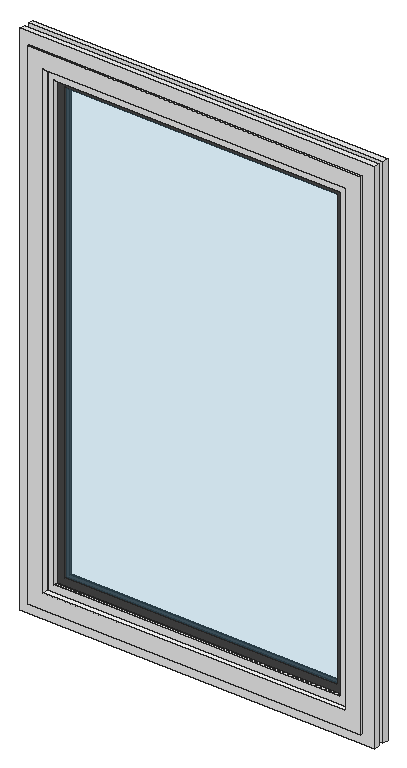
Revit family "Window_System_Solutions-NanaWall-SL-48_Tilt_Turn_Window", category Windows, host Wall, Revit 2015
Parameters (values of type "Tilt Turn Open")
  Width = 36"
  Warranty URL = "http://www.nanawall.com/support/warranty"
  URL = "http://www.nanawall.com"
  Subcategory = "Window"  # constant formula
  Sash = Metal - NanaWall - Aluminum
  Rough Width = Width - 1 25/64"  # 34 39/64"
  Rough Height = Height - 1 25/64"  # 52 39/64"
  Product Page URL = "http://www.nanawall.com/products/sl45/matching-windows"
  Product Documentation Link = "http://www.nanawall.com/cad/configuration/details?id=20&name=SL48&typ=match&cid=452&key=Tilt%20Turn%20Window"
  NanaWall Configurator = "http://www.nanawall.com/content/select-wizard"
  Model = "SL-48 Tilt Turn Window"  # constant formula
  Material = ""
  Manufacturer Toll Free Phone = "(888) 411-NANA(6262)"  # constant formula
  Manufacturer Phone = "(415) 383-3148"  # constant formula
  Manufacturer Fax = "(415) 383-0312"  # constant formula
  Manufacturer Email = "mailto:info@nanawall.com"
  Manufacturer Address = "100 Meadowcreek Drive #250, Corte Madera, CA 94925"  # constant formula
  Manufacturer = "NanaWall Systems, Inc."  # constant formula
  Installation and Service URL = "http://www.nanawall.com/support/installer"
  Height = 54"
  Glazing Options = "http://www.nanawall.com/products/sl48/glazing"
  Glass Material = Glass - NanaWall - Generic
  Filler = Rubber - NanaWall - Black
  Exterior Wall Offset = 3"
  Disclaimer = "Please note that the Revit model is for schematic purposes only.  To obtain a detailed 3D model, please go to the NanaWall's configurator at www.nanawall.com."  # constant formula
  Description = "Monumental Aluminum Framed Matching Windows and Doors"  # constant formula
  Wall Closure = By host
  Default Sill Height = 30"
  Assembly Code = "B2020.1010"
  95 CSI = "8411"  # constant formula
  04 CSI = "08 52 00"  # constant formula
Reference planes (in)
  plane 1 "Center (Front/Back)": y = 0
  plane 2: z = 0
  plane 3 "Center (Left/Right)": x = 0
  plane 4 "Left": x = -18
  plane 5 "Right": x = 18
  plane 6 "Sill": z = 30
  plane 7 "Top": z = 84
  plane 8: y = 1.125
  plane 9: y = 2
  plane 10: x = -15.90278
  plane 11: x = 15.90278
  plane 12: x = -19.12778
  plane 13: x = 19.12778
  plane 14: z = 85.12778
  plane 15: z = 28.87222
Forms (in)
  Sweep 1, solid, material "Metal - NanaWall - Aluminum" <- "Sash"
    path origin (18, 2, 48) x (1, 0, 0) y (0, 0, 1)
      loop
        line (-36, 36) -> (-36, -18) -> (0, -18) -> (0, 36) -> (-36, 36)
    profile "Frame : Frame" origin (0, 2, 84) x (0, 0, 1) y (0, -1, 0)
      loop
        line (1.12778, -0.875) -> (1.12778, -0.25278) -> (0.75056, -0.25278) -> (0.75056, 0.25278) -> (1.12778, 0.25278) -> (1.12778, 0.875) -> (-0.23333, 0.875) -> (-0.23333, -0.68056) -> (-0.85556, -0.68056) -> (-0.85556, 0.02722) -> (-0.68056, 0.02722) -> (-0.68056, 1.10833) -> (0, 1.10833) -> (0, 1.26389) -> (-1.65278, 1.26389) -> (-1.83412, 0.875) -> (-2.54722, 0.875) -> (-2.54722, 0.48611) -> (-2.21667, 0.48611) -> (-2.21667, 0.64167) -> (-2.48111, 0.64167) -> (-2.48111, 0.79722) -> (-1.83413, 0.79722) -> (-1.75078, 0.34077) -> (-1.84722, 0.31493) -> (-1.84722, -0.23333) -> (-1.78889, -0.23333) -> (-1.78889, -0.15556) -> (-1.65278, -0.15556) -> (-1.65278, -0.79722) -> (-1.76944, -0.79722) -> (-1.78889, -0.7) -> (-1.78889, -0.58333) -> (-1.84722, -0.58333) -> (-1.84722, -0.68056) -> (-2.54722, -0.68056) -> (-2.54722, -0.875) -> (-1.26389, -0.875) -> (-1.26389, -0.79722) -> (-1.55556, -0.79722) -> (-1.55556, -0.525) -> (-0.93333, -0.525) -> (-0.93333, -0.875) -> (1.12778, -0.875)
  Extrusion 2, void
    sketch origin (0, 0, 0) x (1, 0, 0) y (0, 0, 1)
      loop
        line (-19.12778, 85.12778) -> (-19.12778, 28.87222) -> (19.12778, 28.87222) -> (19.12778, 85.12778) -> (-19.12778, 85.12778)
    from -5 to 5
  Sweep 3, solid, material "Rubber - NanaWall - Black" <- "Filler"
    path origin (18, 2, 48) x (1, 0, 0) y (0, 0, 1)
      loop
        line (-36, 36) -> (-36, -18) -> (0, -18) -> (0, 36) -> (-36, 36)
    profile origin (0, 2, 84) x (0, 0, 1) y (0, -1, 0)
      loop
        line (-1.84722, -0.50347) -> (-1.84722, 0.30903) -> (-3.22222, 0.30903) -> (-3.22222, 0.15278) -> (-2.09722, 0.15278) -> (-2.09722, -0.34722) -> (-3.22222, -0.34722) -> (-3.22222, -0.50347) -> (-1.84722, -0.50347)
  Extrusion 4, solid, material "Glass - NanaWall - Generic" <- "Glass Material"
    sketch origin (-18, 0, 0) x (0, -1, 0) y (0, 0, 1)
      loop
        line (-2.34722, 81.90278) -> (-2.34722, 32.09722) -> (-1.84722, 32.09722) -> (-1.84722, 81.90278) -> (-2.34722, 81.90278)
    from -33.90278 to -2.09722
Lines and regions (in)
  Masking region 1
    outline origin (0, 0, 0) x (1, 0, 0) y (0, 1, 0)
      loop
        line (-19.12778, 1.125) -> (-18, 1.125) -> (-18, 0.73611) -> (18, 0.73611) -> (18, 1.125) -> (19.12778, 1.125) -> (19.12778, 1.74722) -> (18.75056, 1.74722) -> (18.75056, 2.25278) -> (19.12778, 2.25278) -> (19.12778, 2.875) -> (-19.12778, 2.875) -> (-19.12778, 2.25278) -> (-18.75056, 2.25278) -> (-18.75056, 1.74722) -> (-19.12778, 1.74722) -> (-19.12778, 1.125)
  Masking region 2
    outline origin (0, 2.9375, 0) x (1, 0, 0) y (0, 1, 0)
      loop
        line (-16.15278, -1.24653) -> (16.15278, -1.24653) -> (16.15278, -0.43403) -> (-16.15278, -0.43403) -> (-16.15278, -1.24653)
  Masking region 3, detail levels medium+fine
    outline origin (0, 0, 0) x (1, 0, 0) y (0, 1, 0)
      loop
        line (-15.90278, 2.34722) -> (-15.90278, 1.84722) -> (15.90278, 1.84722) -> (15.90278, 2.34722) -> (-15.90278, 2.34722)
  symbolic lines, detail levels coarse+medium
    curve 1: line (-16.15278, 0.73611, 0) -> (-16.15278, 2.875, 0)
    curve 2: line (16.15278, 0.73611, 0) -> (16.15278, 2.875, 0)
  symbolic lines, detail levels fine
    curve 3: line (-15.45278, 1.125, 0) -> (15.45278, 1.125, 0)
Text (in)
  text "EXTERIOR" at (-58.6888, 50.90694, 0), in view "Ref. Level"
  text "INTERIOR" at (-58.6888, -37.76638, 0), in view "Ref. Level"
  text "Exterior" at (0, 43.65631, 123.19604), in view "Left"
  text "Exterior" at (0, 18.29385, 125.04747), in view "Right"
Dimensions and locks (in)
  equal spacing: plane 4 "Left", plane 3 "Center (Left/Right)", plane 5 "Right"
  "Width": plane 4 "Left" to plane 5 "Right"
  "Height": plane 6 "Sill" to plane 7 "Top"
  "Default Sill Height": plane 2 to plane 6 "Sill"
  locked: plane 8 to plane 9 at 0.875
  Sweep 3 sketch curve to Sweep 3 sketch curve to Sweep 3 sketch curve to Sweep 3 sketch curve to plane 7 "Top" = 0" locked, 1 1/8" locked, 1/4" locked, 1.84722" locked
  Sweep 3 sketch curve to Sweep 3 sketch curve to plane 9 to Sweep 3 sketch curve to Sweep 3 sketch curve = 5/32" locked, 0.34722" locked, 0.15278" locked, 5/32" locked
  locked: plane 6 "Sill" to Extrusion 4 sketch curve at 2.09722
  Extrusion 4 sketch curve to plane 9 to Extrusion 4 sketch curve = 0.34722" locked, 0.15278" locked
  locked: plane 4 "Left" to plane 10 at 2.09722
  locked: plane 11 to plane 5 "Right" at 2.09722
  Masking region 3 sketch curve to plane 9 to Masking region 3 sketch curve = 0.15278" locked, 0.34722" locked
  locked: Masking region 2 sketch curve to plane 10 at 0.25
  locked: plane 11 to Masking region 2 sketch curve at 0.25
  Masking region 2 sketch curve to plane 9 to Masking region 2 sketch curve = 0.30903" locked, 0.50347" locked
  "Exterior Wall Offset": plane 9 to host wall
  locked: Extrusion 4 sketch curve to plane 7 "Top" at 2.09722
  Masking region 1 sketch curve to Masking region 1 sketch curve to Masking region 1 sketch curve to plane 4 "Left" = 0" locked, 0.37722" locked, 0.75056" locked
  plane 5 "Right" to Masking region 1 sketch curve to Masking region 1 sketch curve to Masking region 1 sketch curve = 0.75056" locked, 0.37722" locked, 0" locked
  Masking region 1 sketch curve to Masking region 1 sketch curve to Masking region 1 sketch curve to plane 9 to Masking region 1 sketch curve to Masking region 1 sketch curve = 0.38889" locked, 0.62222" locked, 0.25278" locked, 0.25278" locked, 0.62222" locked
  Masking region 1 sketch curve to Masking region 1 sketch curve to plane 9 to Masking region 1 sketch curve = 0.62222" locked, 0.25278" locked, 0.25278" locked
  locked: plane 12 to plane 4 "Left" at 1.12778
  locked: plane 5 "Right" to plane 13 at 1.12778
  locked: plane 15 to plane 6 "Sill" at 1.12778
  locked: plane 7 "Top" to plane 14 at 1.12778
  aligned and locked: level to plane 2
  aligned and locked: plane 7 "Top" to Sweep 1 sketch curve
  aligned and locked: plane 5 "Right" to Sweep 1 sketch curve
  aligned and locked: Sweep 1 sketch curve to plane 4 "Left"
  aligned and locked: Sweep 1 sketch curve to plane 6 "Sill"
  aligned and locked: host wall to Extrusion 2  (x2)
  aligned and locked: plane 7 "Top" to nested 1
  aligned and locked: plane 9 to nested 1
  aligned and locked: plane 4 "Left" to nested 2
  aligned and locked: plane 5 "Right" to nested 3
  aligned and locked: nested 4 to plane 9
  aligned and locked: plane 6 "Sill" to nested 4
  aligned and locked: plane 7 "Top" to Sweep 3 sketch curve
  aligned and locked: Sweep 3 sketch curve to plane 4 "Left"
  aligned and locked: Sweep 3 sketch curve to Sweep 1  (x2)
  aligned and locked: plane 10 to Extrusion 4
  aligned and locked: plane 11 to Extrusion 4
  aligned and locked: Masking region 1 sketch curve to plane 4 "Left"
  aligned and locked: Masking region 3 sketch curve to Sweep 3  (x2)
  aligned and locked: plane 9 to nested 3
  aligned and locked: nested 2 to plane 9
  aligned and locked: plane 12 to Extrusion 2 sketch curve
  aligned and locked: Extrusion 2 sketch curve to plane 13
  aligned and locked: Extrusion 2 sketch curve to plane 15
  aligned and locked: Extrusion 2 sketch curve to plane 14
Automatic sketch dimensions
  Masking region 1 sketch curve to plane 5 "Right" = 0"
  plane 8 to curve 3 = 0"
  plane 10 to curve 1 = 1/4"
  curve 3 to plane 10 = 0.45"
  curve 3 to plane 11 = 0.45"
  plane 11 to curve 2 = 1/4"
  plane 8 to curve 1 = 0.38889"
  plane 8 to curve 2 = 0.38889"
  curve 2 to plane 9 = 7/8"
  curve 1 to plane 9 = 7/8"
Nested families (in)
  nested 1: "SL 48 Tilt Turn Detail" at (-18, 2, 84) x (0, -1, 0) z (-1, 0, 0), type "SL 48 Tilt Turn Detail", detail levels fine
  nested 2: "SL 48 Tilt Turn Detail" at (-18, 2, 0) x (0, -1, 0) z (0, 0, 1), type "SL 48 Tilt Turn Detail", detail levels fine
  nested 3: "SL 48 Tilt Turn Detail" at (18, 2, 0) x (0, -1, 0) z (0, 0, 1), type "SL 48 Tilt Turn Detail"
  nested 4: "SL 48 Tilt Turn Detail" at (-18, 2, 30) x (0, -1, 0) z (-1, 0, 0), type "SL 48 Tilt Turn Detail", detail levels fine
Definition of nested family "SL 48 Tilt Turn Detail"
  Reference planes (in)
    plane 1 "Center (Front/Back)": y = 0
    plane 2: z = 0
    plane 3 "Center (Left/Right)": x = 0
  Lines and regions (in)
    detail lines, in view "Ref. Level", detail levels fine
      curve 1: line (-0.69619, 1.12778, 0) -> (-0.875, 1.12778, 0)
      curve 2: line (-0.875, 1.12778, 0) -> (-0.875, -0.93333, 0)
      curve 3: line (-0.68056, 1.06944, 0) -> (-0.69619, 1.12778, 0)
      curve 4: line (-0.805, 1.06944, 0) -> (-0.68056, 1.06944, 0)
      curve 5: line (-0.805, 0.93722, 0) -> (-0.805, 1.06944, 0)
      curve 6: line (-0.31111, 0.93722, 0) -> (-0.805, 0.93722, 0)
      curve 7: line (-0.31111, 1.06944, 0) -> (-0.31111, 0.93722, 0)
      curve 8: line (-0.38889, 1.06944, 0) -> (-0.31111, 1.06944, 0)
      curve 9: line (-0.37326, 1.12778, 0) -> (-0.38889, 1.06944, 0)
      curve 10: line (-0.25278, 1.12778, 0) -> (-0.37326, 1.12778, 0)
      curve 11: line (-0.25278, 1.12778, 0) -> (-0.25278, 0.75056, 0)
      curve 12: line (0.25278, 0.75056, 0) -> (-0.25278, 0.75056, 0)
      curve 13: line (0.25278, 1.12778, 0) -> (0.25278, 0.75056, 0)
      curve 14: line (0.25278, 1.12778, 0) -> (0.37326, 1.12778, 0)
      curve 15: line (0.37326, 1.12778, 0) -> (0.38889, 1.06944, 0)
      curve 16: line (0.38889, 1.06944, 0) -> (0.31111, 1.06944, 0)
      curve 17: line (0.31111, 1.06944, 0) -> (0.31111, 0.93722, 0)
      curve 18: line (0.31111, 0.93722, 0) -> (0.805, 0.93722, 0)
      curve 19: line (0.805, 1.06944, 0) -> (0.805, 0.93722, 0)
      curve 20: line (0.68056, 1.06944, 0) -> (0.805, 1.06944, 0)
      curve 21: line (0.69619, 1.12778, 0) -> (0.68056, 1.06944, 0)
      curve 22: line (0.875, 1.12778, 0) -> (0.69619, 1.12778, 0)
      curve 23: line (0.875, -0.23333, 0) -> (0.875, 1.12778, 0)
      curve 24: line (0.805, 0.74278, 0) -> (0.805, 0.87111, 0)
      curve 25: line (0.805, 0.87111, 0) -> (0.31889, 0.87111, 0)
      curve 26: line (0.31889, 0.87111, 0) -> (0.31889, 0.68444, 0)
      curve 27: line (-0.31889, 0.68444, 0) -> (0.31889, 0.68444, 0)
      curve 28: line (-0.31889, 0.87111, 0) -> (-0.31889, 0.68444, 0)
      curve 29: line (-0.805, 0.87111, 0) -> (-0.31889, 0.87111, 0)
      curve 30: line (-0.805, 0.74278, 0) -> (-0.805, 0.87111, 0)
      curve 31: line (-0.79722, 0.68444, 0) -> (-0.71944, 0.68444, 0)
      curve 32: line (-0.71944, 0.74278, 0) -> (-0.805, 0.74278, 0)
      curve 33: line (-0.79722, 0.02722, 0) -> (-0.79722, 0.68444, 0)
      curve 34: line (0.00794, 0.02722, 0) -> (-0.79722, 0.02722, 0)
      curve 35: line (0.18667, -0.1515, 0) -> (0.00794, 0.02722, 0)
      curve 36: arc (0.26444, 0.02722, 0) -> (0.20945, 0.00444, 0) -> (0.18667, -0.05056, 0) r 0.07778
      curve 37: line (0.18667, -0.05056, 0) -> (0.18667, -0.1515, 0)
      curve 38: line (0.26444, 0.02722, 0) -> (0.79722, 0.02722, 0)
      curve 39: line (0.79722, 0.02722, 0) -> (0.79722, 0.68444, 0)
      curve 40: line (0.71944, 0.74278, 0) -> (0.805, 0.74278, 0)
      curve 41: line (0.79722, 0.68444, 0) -> (0.71944, 0.68444, 0)
      curve 42: line (0.71944, -0.175, 0) -> (0.73507, -0.23333, 0)
      curve 43: line (0.73507, -0.23333, 0) -> (0.875, -0.23333, 0)
      curve 44: line (0.79722, -0.175, 0) -> (0.71944, -0.175, 0)
      curve 45: line (0.79722, -0.03889, 0) -> (0.79722, -0.175, 0)
      curve 46: line (0.25278, -0.03889, 0) -> (0.79722, -0.03889, 0)
      curve 47: line (0.25278, -0.175, 0) -> (0.25278, -0.03889, 0)
      curve 48: line (0.31493, -0.23333, 0) -> (0.33056, -0.175, 0)
      curve 49: line (0.33056, -0.175, 0) -> (0.25278, -0.175, 0)
      curve 50: line (0.03896, -0.23333, 0) -> (0.31493, -0.23333, 0)
      curve 51: line (0.02333, -0.175, 0) -> (0.03896, -0.23333, 0)
      curve 52: line (0.11667, -0.175, 0) -> (0.02333, -0.175, 0)
      curve 53: line (-0.01944, -0.03889, 0) -> (0.11667, -0.175, 0)
      curve 54: line (-0.38889, -0.03889, 0) -> (-0.01944, -0.03889, 0)
      curve 55: line (-0.38889, -0.175, 0) -> (-0.38889, -0.03889, 0)
      curve 56: line (-0.33056, -0.175, 0) -> (-0.38889, -0.175, 0)
      curve 57: line (-0.34619, -0.23333, 0) -> (-0.33056, -0.175, 0)
      curve 58: line (-0.42335, -0.23333, 0) -> (-0.34619, -0.23333, 0)
      curve 59: line (-0.44722, -0.03889, 0) -> (-0.42335, -0.23333, 0)
      curve 60: line (-0.79722, -0.03889, 0) -> (-0.44722, -0.03889, 0)
      curve 61: line (-0.79722, -0.15556, 0) -> (-0.79722, -0.03889, 0)
      curve 62: line (-0.7, -0.175, 0) -> (-0.79722, -0.15556, 0)
      curve 63: line (-0.58333, -0.175, 0) -> (-0.7, -0.175, 0)
      curve 64: line (-0.58333, -0.175, 0) -> (-0.58333, -0.23333, 0)
      curve 65: line (-0.58333, -0.23333, 0) -> (-0.79722, -0.23333, 0)
      curve 66: line (-0.79722, -0.23333, 0) -> (-0.79722, -0.57556, 0)
      curve 67: line (-0.71167, -0.57556, 0) -> (-0.79722, -0.57556, 0)
      curve 68: line (-0.71167, -0.49778, 0) -> (-0.71167, -0.57556, 0)
      curve 69: line (-0.68056, -0.49778, 0) -> (-0.71167, -0.49778, 0)
      curve 70: line (-0.68056, -0.68056, 0) -> (-0.68056, -0.49778, 0)
      curve 71: line (-0.71944, -0.68056, 0) -> (-0.68056, -0.68056, 0)
      curve 72: line (-0.71944, -0.63389, 0) -> (-0.71944, -0.68056, 0)
      curve 73: line (-0.79722, -0.63389, 0) -> (-0.71944, -0.63389, 0)
      curve 74: line (-0.79722, -0.85556, 0) -> (-0.79722, -0.63389, 0)
      curve 75: line (-0.875, -0.93333, 0) -> (-0.525, -0.93333, 0)
      curve 76: line (-0.79722, -0.85556, 0) -> (0.02722, -0.85556, 0)
      curve 77: line (0.02722, -0.85556, 0) -> (0.02722, -0.68056, 0)
      curve 78: line (0.02722, -0.68056, 0) -> (0.19444, -0.68056, 0)
      curve 79: line (0.19444, -0.68056, 0) -> (0.19444, -0.73889, 0)
      curve 80: line (0.19444, -0.73889, 0) -> (0.09722, -0.73889, 0)
      curve 81: line (0.09722, -0.73889, 0) -> (0.09722, -0.85556, 0)
      curve 82: line (0.09722, -0.85556, 0) -> (0.875, -0.85556, 0)
      curve 83: line (1.19389, -0.92556, 0) -> (-0.455, -0.92556, 0)
      curve 84: line (0.875, -0.85556, 0) -> (0.875, -0.73889, 0)
      curve 85: line (0.875, -0.73889, 0) -> (0.77778, -0.73889, 0)
      curve 86: line (0.77778, -0.73889, 0) -> (0.77778, -0.68056, 0)
      curve 87: line (0.77778, -0.68056, 0) -> (0.945, -0.68056, 0)
      curve 88: line (0.945, -0.85556, 0) -> (0.945, -0.68056, 0)
      curve 89: line (1.19389, -0.85556, 0) -> (0.945, -0.85556, 0)
      curve 90: line (1.19389, -0.29167, 0) -> (1.19389, -0.85556, 0)
      curve 91: line (1.10833, -0.29167, 0) -> (1.19389, -0.29167, 0)
      curve 92: line (1.10833, -0.21, 0) -> (1.10833, -0.29167, 0)
      curve 93: line (1.14722, -0.21, 0) -> (1.10833, -0.21, 0)
      curve 94: line (1.14722, -0.25278, 0) -> (1.14722, -0.21, 0)
      curve 95: line (1.20556, -0.25278, 0) -> (1.14722, -0.25278, 0)
      curve 96: line (1.20556, -0.04667, 0) -> (1.20556, -0.25278, 0)
      curve 97: line (1.14722, -0.04667, 0) -> (1.20556, -0.04667, 0)
      curve 98: line (1.14722, -0.08944, 0) -> (1.14722, -0.04667, 0)
      curve 99: line (1.10833, -0.08944, 0) -> (1.14722, -0.08944, 0)
      curve 100: line (1.10833, 0, 0) -> (1.10833, -0.08944, 0)
      curve 101: line (1.26389, 0, 0) -> (1.10833, 0, 0)
      curve 102: line (1.26389, -1.56607, 0) -> (1.26389, 0, 0)
      curve 103: line (-0.455, -0.92556, 0) -> (-0.455, -1.58278, 0)
      curve 104: line (-0.455, -1.58278, 0) -> (-0.09722, -1.58278, 0)
      curve 105: line (-0.79722, -1.55556, 0) -> (-0.525, -1.55556, 0)
      curve 106: line (-0.525, -1.55556, 0) -> (-0.525, -0.93333, 0)
      curve 107: line (-0.79722, -1.26389, 0) -> (-0.79722, -1.55556, 0)
      curve 108: line (-0.875, -2.54722, 0) -> (-0.875, -1.26389, 0)
      curve 109: line (-0.875, -1.26389, 0) -> (-0.79722, -1.26389, 0)
      curve 110: line (-0.68056, -2.54722, 0) -> (-0.875, -2.54722, 0)
      curve 111: line (-0.68056, -2.45, 0) -> (-0.68056, -2.54722, 0)
      curve 112: line (-0.71944, -2.45, 0) -> (-0.68056, -2.45, 0)
      curve 113: line (-0.71944, -2.49667, 0) -> (-0.71944, -2.45, 0)
      curve 114: line (-0.79722, -2.49667, 0) -> (-0.71944, -2.49667, 0)
      curve 115: line (-0.79722, -2.24778, 0) -> (-0.79722, -2.49667, 0)
      curve 116: line (-0.71944, -2.24778, 0) -> (-0.79722, -2.24778, 0)
      curve 117: line (-0.71944, -2.29444, 0) -> (-0.71944, -2.24778, 0)
      curve 118: line (-0.68056, -2.29444, 0) -> (-0.71944, -2.29444, 0)
      curve 119: line (-0.68056, -2.11167, 0) -> (-0.68056, -2.29444, 0)
      curve 120: line (-0.71167, -2.18944, 0) -> (-0.71167, -2.11167, 0)
      curve 121: line (-0.71167, -2.11167, 0) -> (-0.68056, -2.11167, 0)
      curve 122: line (-0.79722, -2.18944, 0) -> (-0.71167, -2.18944, 0)
      curve 123: line (-0.79722, -1.84722, 0) -> (-0.79722, -2.18944, 0)
      curve 124: line (-0.58333, -1.84722, 0) -> (-0.79722, -1.84722, 0)
      curve 125: line (-0.58333, -1.78889, 0) -> (-0.58333, -1.84722, 0)
      curve 126: line (-0.58333, -1.78889, 0) -> (-0.7, -1.78889, 0)
      curve 127: line (-0.7, -1.78889, 0) -> (-0.79722, -1.76944, 0)
      curve 128: line (-0.79722, -1.76944, 0) -> (-0.79722, -1.65278, 0)
      curve 129: line (-0.15556, -1.65278, 0) -> (-0.79722, -1.65278, 0)
      curve 130: line (-0.15556, -1.78889, 0) -> (-0.15556, -1.65278, 0)
      curve 131: line (-0.23333, -1.78889, 0) -> (-0.15556, -1.78889, 0)
      curve 132: line (-0.23333, -1.84722, 0) -> (-0.23333, -1.78889, 0)
      curve 133: line (0.31493, -1.84722, 0) -> (-0.23333, -1.84722, 0)
      curve 134: line (0.34077, -1.75078, 0) -> (0.31493, -1.84722, 0)
      curve 135: line (0.34077, -1.75078, 0) -> (0.62268, -1.80226, 0)
      curve 136: line (0.28865, -1.68592, 0) -> (0.25278, -1.78889, 0)
      curve 137: line (0.25278, -1.65278, 0) -> (0.25278, -1.78889, 0)
      curve 138: line (0.79722, -1.65278, 0) -> (0.25278, -1.65278, 0)
      curve 139: line (0.79722, -1.77878, 0) -> (0.28865, -1.68592, 0)
      curve 140: line (0.79722, -1.77878, 0) -> (0.79722, -1.65278, 0)
      curve 141: line (0.875, -1.83412, 0) -> (1.1853, -1.68942, 0)
      curve 142: arc (1.1853, -1.68942, 0) -> (1.24257, -1.6392, 0) -> (1.26389, -1.56607, 0) r 0.13611
      curve 143: line (0.875, -2.54722, 0) -> (0.875, -1.83412, 0)
      curve 144: line (0.48611, -2.54722, 0) -> (0.875, -2.54722, 0)
      curve 145: line (0.48611, -2.54722, 0) -> (0.48611, -2.45, 0)
      curve 146: line (0.48611, -2.45, 0) -> (0.525, -2.45, 0)
      curve 147: line (0.525, -2.48889, 0) -> (0.525, -2.45, 0)
      curve 148: line (0.60278, -2.48889, 0) -> (0.525, -2.48889, 0)
      curve 149: line (0.60278, -2.25556, 0) -> (0.60278, -2.48889, 0)
      curve 150: line (0.79722, -2.48111, 0) -> (0.64167, -2.48111, 0)
      curve 151: line (0.79722, -1.93667, 0) -> (0.79722, -2.48111, 0)
      curve 152: line (0.64167, -2.48111, 0) -> (0.64167, -2.21667, 0)
      curve 153: line (0.64167, -2.21667, 0) -> (0.525, -2.21667, 0)
      curve 154: arc (0.525, -2.21667, 0) -> (0.4975, -2.22806, 0) -> (0.48611, -2.25556, 0) r 0.03889
      curve 155: line (0.48611, -2.25556, 0) -> (0.60278, -2.25556, 0)
      curve 156: line (-0.09722, -1.58278, 0) -> (-0.09722, -1.78889, 0)
      curve 157: line (0.19444, -1.78889, 0) -> (-0.09722, -1.78889, 0)
      curve 158: line (0.19444, -1.78889, 0) -> (0.19444, -1.58278, 0)
      curve 159: line (0.19444, -1.58278, 0) -> (0.85556, -1.58278, 0)
      curve 160: line (0.85556, -1.58278, 0) -> (0.85556, -1.76595, 0)
      curve 161: line (0.85556, -1.76595, 0) -> (1.19389, -1.60818, 0)
      curve 162: line (1.19389, -1.60818, 0) -> (1.19389, -0.92556, 0)
      curve 163: arc (0.62268, -1.80226, 0) -> (0.62247, -1.89182, 0) -> (0.7, -1.93667, 0) r 0.08944
      curve 164: line (0.7, -1.93667, 0) -> (0.79722, -1.93667, 0)
      curve 165: line (-0.71944, 0.68444, 0) -> (-0.71944, 0.74278, 0)
      curve 166: line (0.71944, 0.68444, 0) -> (0.71944, 0.74278, 0)
